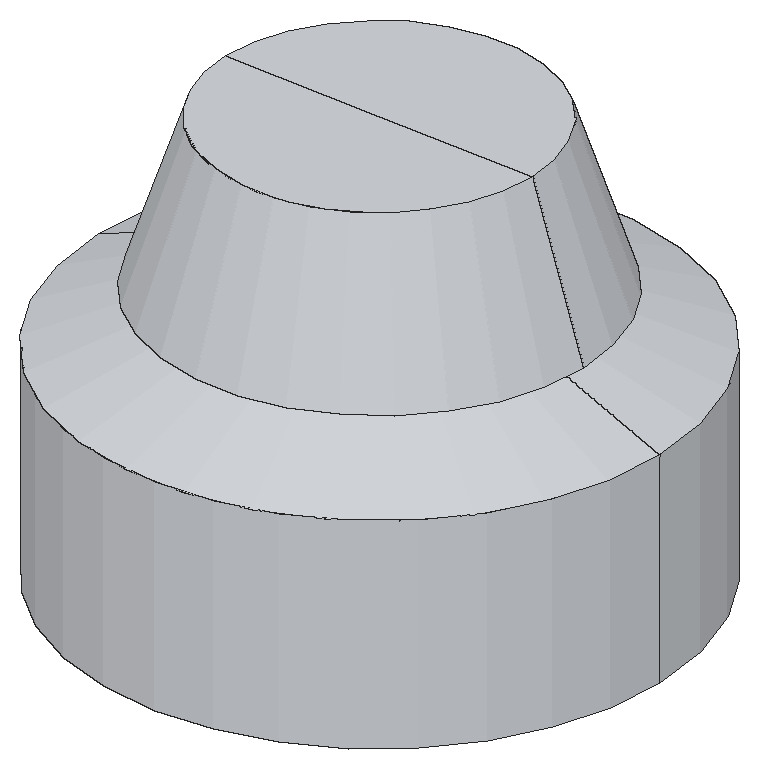
Revit family "d5bcc28244dd4e078c00f72eb7f8be21", category Fire Alarm Devices, host Face, Revit 2021
Family settings
  Host = Face
  Maintain Annotation Orientation = Yes
  Round Connector Dimension = Use Diameter
  Part Type = Normal
  OmniClass Number = 23.85.30.21.11.11.11
  OmniClass Title = Smoke Detectors
  Seek Item ID = Smoke Detector - Beam Receiver-0000-USA-ENU
  Cut with Voids When Loaded = No
  Shared = No
  Room Calculation Point = No
Parameters (values of type "Standard")
  Label = "BR"
  Head Small Radius = 0' - 1 1/2"
  Head Radius = 0' - 2"
  Head Depth = 0' - 1 1/2"
  Default Elevation = 4' - 0"
  Base Radius = 0' - 2 3/4"
  Base Depth = 0' - 2"
Reference planes (in)
  plane 1 "Center (Front/Back)": y = 0
  plane 2 "Bottom": z = 0
  plane 3 "Center (Left/Right)": x = 0
  plane 4: z = 2
  plane 5: z = 2.5
  plane 6: z = 4
  plane 7: x = 1.5
  plane 8: x = 2
  plane 9: x = 2.75
Forms (in)
  Revolve 1, solid, detail levels fine
    sketch origin (0, 0, 0) x (1, 0, 0) y (0, 0, 1)
      loop
        line (0, 4) -> (0, 0) -> (2.75, 0) -> (2.75, 2) -> (1.5, 2.5) -> (2, 2.5) -> (1.5, 4) -> (0, 4)
      axis (0, 0) -> (0, 4)
    angle from 0 to 360
  Revolve 2, solid, detail levels coarse+medium
    sketch origin (0, 0, 0) x (1, 0, 0) y (0, 0, 1)
      loop
        line (0, 4) -> (0, 0) -> (2.75, 0) -> (2.75, 4) -> (0, 4)
      axis (0, 4) -> (0, 0)
    angle from 0 to 360
Lines and regions (in)
  symbolic lines, detail levels fine
    curve 1: circle (0, 0, 0) r 2.75 normal (0, 0, 1)
Dimensions and locks (in)
  "Base Depth": plane 4 to plane 2 "Bottom"
  locked: plane 5 to plane 4 at 0.5
  "Head Depth": plane 6 to plane 5
  "Head Small Radius": plane 7 to plane 3 "Center (Left/Right)"
  "Head Radius": plane 8 to plane 3 "Center (Left/Right)"
  "Base Radius": plane 9 to plane 3 "Center (Left/Right)"
  "Base Radius": radius of curve 1
  aligned and locked: plane 2 "Bottom" to host face
  aligned and locked: level to host face
  aligned and locked: plane 3 "Center (Left/Right)" to Revolve 2 sketch curve
  aligned and locked: Revolve 2 sketch curve to Revolve 1  (x2)
  aligned and locked: Revolve 1 to Revolve 2 sketch curve
  aligned and locked: plane 3 "Center (Left/Right)" to Revolve 1 sketch curve
  aligned and locked: plane 1 "Center (Front/Back)" to Revolve 1 sketch curve
  aligned and locked: nested 1 to plane 1 "Center (Front/Back)"
  aligned and locked: nested 1 to plane 3 "Center (Left/Right)"
Automatic sketch dimensions
  Revolve 1 sketch curve to plane 3 "Center (Left/Right)" = 0' - 0"
  Revolve 1 sketch curve to plane 6 = 0' - 0"
  Revolve 1 sketch curve to plane 7 = 0' - 0"  (x2)
  Revolve 1 sketch curve to plane 5 = 0' - 0"
  Revolve 1 sketch curve to plane 8 = 0' - 0"
  Revolve 1 sketch curve to level = 0' - 0"
  Revolve 1 sketch curve to plane 9 = 0' - 0"
  Revolve 1 sketch curve to plane 4 = 0' - 0"
  Revolve 1 sketch curve to plane 4 = 0' - 0 3/4"
  plane 6 to Revolve 1 sketch curve = 0' - 2 1/4"
  Revolve 2 sketch curve to plane 3 "Center (Left/Right)" = 0' - 0"
  Revolve 2 sketch curve to Revolve 2 sketch curve = 0' - 1 1/2"  (x2)
  curve 1 to plane 1 "Center (Front/Back)" = 0' - 0"
  curve 1 to plane 3 "Center (Left/Right)" = 0' - 0"
  host sketch curve to host sketch curve = 8' - 0"  (x2)
Nested families (in)
  nested 1: "Smoke Detector Annotation" at (0, 0, 0) x (-1, 0, 0) z (0, 0, 1), type "Smoke Detector Annotation", detail levels coarse+medium
Connectors (in)
  electrical at (0, 0, 0)
    settings: on Revolve 1, index 1, voltage 0 V, apparent load 0 VA, apparent load phase1 0 VA, apparent load phase2 0 VA, apparent load phase3 0 VA, power factor 1, load classification "Other", number of poles 1, system type 11, power factor state 1, is connector primary yes, connector utility no, sub classification motor no, connector description ""
Definition of nested family "Smoke Detector Annotation"
  Parameters
    Label Annotation = ""
  Reference planes (in)
    plane 1: y = 0
    plane 2: x = 0
  Lines and regions (in)
    detail lines
      curve 1: circle (0, 0, 0) r 0.15625 normal (0, 0, 1)
  Text (in)
    label "W" at (0.17112, -0.13881, 0), shows "Label Annotation"
    text "S" at (-0.042, 0.06996, 0)
  Dimensions and locks (in)
    aligned and locked: plane 2 to curve 1
    aligned and locked: plane 1 to curve 1
